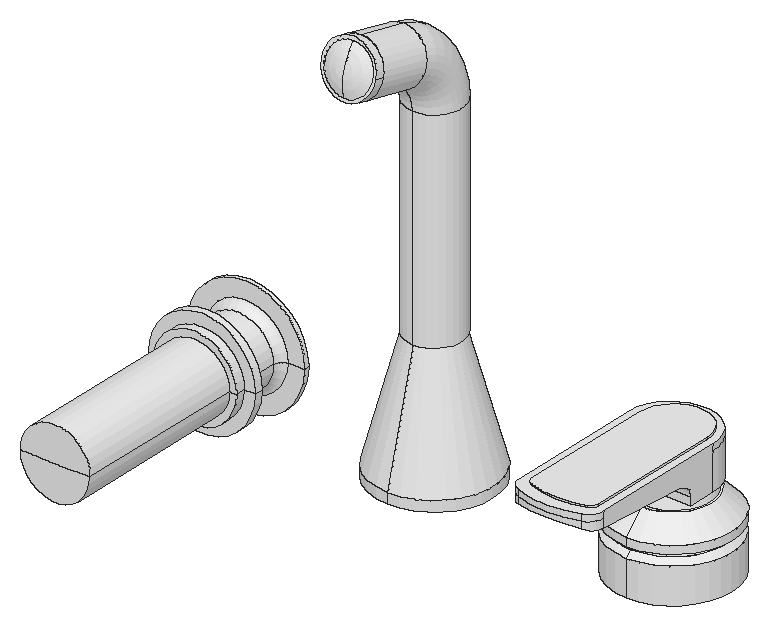
Revit family "Faucet-American_Standard-Aspirations-7061461_Series", category Plumbing Fixtures, host Face, Revit 2019
Family settings
  Host = Face
  Round Connector Dimension = Use Diameter
  Part Type = Normal
  OmniClass Number = 23.45.55.14
  OmniClass Title = Single Faucets
  Cut with Voids When Loaded = No
  Shared = Yes
  Room Calculation Point = No
Parameters (values of type "7061461.002")
  Width = 6 7/16"
  Water Connection Diameter = 1/2"
  Waste Connection Diameter = 1 1/4"  # constant formula
  Waste Connection = no
  WFU = 2  # constant formula
  Vent Connection = no
  URL = "https://www.americanstandard-us.com/"
  Type Comments = ""
  Tempered Water Connection = yes
  NSF/ANSI/CAN 61 = yes
  NSF/ANSI/CAN 372 = yes
  Model = "7061461.002"
  Max. Flow Rate = "1.2 gpm/4.5 L/min"  # constant formula
  Material = "Brass-American Standard-002-Polished Chrome"
  Manufacturer = "American Standard"  # constant formula
  Length = 8"  # constant formula
  Installation Type = "Wall Mounted"  # constant formula
  Height = 7 7/8"  # constant formula
  HWFU = 1.5  # constant formula
  HW Connection = no
  Finish = Brass-American Standard-002-Polished Chrome
  Drain Width = 6"
  Drain Max/Min Length = if(Drain Height < 1", 1", if(Drain Height > 2 1/8", 2 1/8", Drain Height))  # 1"
  Drain Depth = 7"
  Drain Height = 1"
  Description = "Aspirations™ Single Control Wall Mount Faucet"  # constant formula
  Default Elevation = 0"
  Creation Date = "05/10/2023"  # constant formula
  Compliance Certifications = "These products meet or exceed the following codes and standards: ASSE 1016, ASME A112.18.1, CSA B125.1"
  CWFU = 1.5  # constant formula
  CW Connection = no
  Assembly Code = "D2020300"
  ASME A112.18.1/CSA B125.1 = yes
  ANSI A117.1 = yes
  ADA Compliant = yes
Types (4): name | Model | Material | Finish | Drain Width | Drain Depth | Drain Height | CW Connection
  (no name) | "7061461.002" | "Brass-American Standard-002-Polished Chrome" | Brass-American Standard-002-Polished Chrome | 6" | 7" | 1" | no
  7061461.002 | "7061461.002" | "Brass-American Standard-002-Polished Chrome" | Brass-American Standard-002-Polished Chrome | 6" | 7" | 1" | no
  7061461.295 | "7061461.295" | "Brass-American Standard-243-Matte Black" | Brass-American Standard-243-Matte Black | 4.76262" | 8.02284" | 0" | yes
  7061461.243 | "7061461.243" | "Brass-American Standard-295-Satin Nickel" | Brass-American Standard-295-Satin Nickel | 4.76262" | 8.02284" | 0" | no
Reference planes
  plane 1 "Center (Front/Back)": y = 0
  plane 2: z = 0
  plane 3 "Center (Left/Right)": x = 0
  plane 4: z = -50.8
  plane 5: x = 81.756
  plane 6: z = 60.325
  plane 7: y = 0
  plane 8: y = 19.05
  plane 9: y = 27.449
  plane 10: y = -50.006
  plane 11: x = -81.756
  plane 12: y = 27.19
  plane 13: y = -91.069
  plane 14: x = 54.586
  plane 15: x = 74.01
  plane 16: x = 35.162
  plane 17: x = 69.978
  plane 18: x = 39.195
  plane 19: z = 203.2
  plane 20: x = -56.356
  plane 21: y = -74.151
  plane 22: z = 152.4
  plane 23: y = -177.8
Forms (mm)
  Extrusion 1, solid, material "Brass-American Standard-002-Polished Chrome" <- "Finish"
    sketch origin (54.586, -1172.848, -64.294) x (-1, 0, 0) y (0, 1, 0)
      loop
        circle (0, 1174.031) r 6.35
    from -64.294 to -97.789
  Revolve 2, solid, material "Brass-American Standard-002-Polished Chrome" <- "Finish"
    sketch origin (54.586, 2.697, 1.191) x (0, 1, 0) y (0, 0, 1)
      loop
        line (24.494, 23.828) -> (15.578, 32.744) -> (14.202, 32.744) -> (12.711, 38.309) -> (-2.697, 38.309) -> (-2.697, -1.191) -> (24.494, -1.191) -> (24.494, 15.192) -> (21.937, 17.748) -> (18.144, 17.748) -> (18.144, 20.122) -> (24.494, 20.122) -> (24.494, 23.828)
      axis (-2.697, -1.191) -> (-2.697, 38.309)
    angle from 0 to 360
  Extrusion 3, solid, material "Brass-American Standard-002-Polished Chrome" <- "Finish"
    sketch origin (54.586, -1269.454, -51.197) x (-1, 0, 0) y (0, 1, 0)
      loop
        arc (-14.633, 1197.783) -> (-0.002, 1195.303) -> (14.629, 1197.775) r 44.465
        arc (14.629, 1197.775) -> (18.103, 1200.384) -> (19.424, 1204.522) r 7.144
        line (19.424, 1204.522) -> (19.424, 1268.132)
        arc (19.424, 1268.132) -> (0, 1287.556) -> (-19.424, 1268.132) r 19.424
        line (-19.424, 1268.132) -> (-19.424, 1204.528)
        arc (-19.424, 1204.528) -> (-18.104, 1200.391) -> (-14.633, 1197.783) r 7.144
    from -110.608 to -107.755
  Extrusion 4, solid, material "Brass-American Standard-002-Polished Chrome" <- "Finish"
    sketch origin (54.586, -1265.718, -51.197) x (-1, 0, 0) y (0, 1, 0)
      loop
        line (15.392, 1202.942) -> (15.392, 1265.71)
        arc (15.392, 1265.71) -> (0, 1281.101) -> (-15.392, 1265.71) r 15.392
        line (-15.392, 1265.71) -> (-15.392, 1202.942)
        arc (-15.392, 1202.942) -> (-14.751, 1200.902) -> (-13.06, 1199.593) r 3.572
        arc (-13.06, 1199.593) -> (0, 1197.252) -> (13.06, 1199.593) r 37.602
        arc (13.06, 1199.593) -> (14.751, 1200.902) -> (15.392, 1202.942) r 3.572
    from -111.249 to -107.755
  Extrusion 5, solid, material "Brass-American Standard-002-Polished Chrome" <- "Finish"
    sketch origin (54.586, -45.17, -0.397) x (0, 1, 0) y (0, 0, 1)
      loop
        line (-23.079, 53.01) -> (25.187, 49.567)
        arc (25.187, 49.567) -> (29.382, 47.56) -> (31.085, 43.233) r 6.35
        line (31.085, 43.233) -> (31.085, 39.896) -> (43.781, 39.896) -> (43.781, 56.955) -> (-31.761, 56.955)
        arc (-31.761, 56.955) -> (-27.774, 54.203) -> (-23.079, 53.01) r 13.71
    from -19.424 to 19.424
  Extrusion 6, solid, material "Brass-American Standard-002-Polished Chrome" <- "Finish"
    sketch origin (54.586, -41.4, -0.397) x (1, 0, 0) y (0, 1, 0)
      loop
        line (-14.643, 27.314) -> (-3.229, 27.314) -> (14.643, 27.314)
        arc (14.643, 27.314) -> (0, 59.501) -> (-14.643, 27.314) r 19.424
    from 40.007 to 56.984
  Extrusion 7, void
    sketch origin (53.56, -133.15, -13.494) x (1, 0, 0) y (0, 1, 0)
      loop
        line (-27.33, 51.545) -> (29.106, 51.545) -> (29.106, 68.224) -> (20.45, 68.224)
        arc (20.45, 68.224) -> (19.131, 64.087) -> (15.659, 61.479) r 7.144
        arc (15.659, 61.479) -> (1.029, 58.999) -> (-13.603, 61.471) r 44.465
        arc (-13.603, 61.471) -> (-17.077, 64.079) -> (-18.398, 68.218) r 7.144
        line (-18.398, 68.218) -> (-27.33, 68.218) -> (-27.33, 51.545)
    from 64.416 to 73.546
  Revolve 8, solid, material "Brass-American Standard-002-Polished Chrome" <- "Finish"
    sketch origin (0, -203.78, 152.4) x (-1, 0, 0) y (0, -1, 0)
      loop
        line (0, 86.864) -> (-16.186, 86.864) -> (-16.186, 5.975) -> (-19.432, 5.975) -> (-19.432, 1.462) -> (-24.909, 1.462) -> (-24.909, -1.928) -> (-18.271, -1.928)
        arc (-18.271, -1.928) -> (-17.66, -3.402) -> (-16.186, -4.012) r 2.084
        line (-16.186, -4.012) -> (-16.186, -19.425)
        arc (-16.186, -19.425) -> (-17.18, -22.085) -> (-19.34, -23.929) r 5.665
        line (-19.34, -23.929) -> (-27.299, -23.929) -> (-27.299, -25.98) -> (0, -25.98) -> (0, 86.864)
      axis (0, -25.98) -> (0, 86.864)
    angle from 0 to 360
  Revolve 9, solid, material "Brass-American Standard-002-Polished Chrome" <- "Finish"
    sketch origin (-56.356, 117.224, 1219.2) x (0, 1, 0) y (0, 0, 1)
      loop
        line (-117.224, -1219.2) -> (-90.033, -1219.2) -> (-90.033, -1214.386) -> (-105.003, -1159.148) -> (-105.003, -1147.762) -> (-117.224, -1147.763) -> (-117.224, -1219.2)
      axis (-117.224, -1147.762) -> (-117.224, -1219.2)
    angle from 0 to 360
  Sweep 10, solid, material "Brass-American Standard-002-Polished Chrome" <- "Finish"
    path origin (0, 0, 0) x (0, 1, 0) y (0, 0, 1)
      loop
        line (-0.008, 60.052) -> (-0.008, 157.05)
        arc (-0.008, 157.05) -> (-5.815, 173.914) -> (-20.773, 183.628) r 27.391
        line (-20.773, 183.628) -> (-45.705, 189.844)
    profile origin (0, -0.008, 108.551) x (0, -1, 0) y (1, 0, 0)
      loop
        circle (0, -56.356) r 12.7
  Extrusion 11, solid, material "Brass-American Standard-002-Polished Chrome" <- "Finish"
    sketch origin (0, -48.82, 177.351) x (1, 0, 0) y (0, 0.241922, 0.970296)
      loop
        circle (-56.356, 12.875) r 12.7
    from 0 to 4.265
  Revolve 12, solid, material "Brass-American Standard-002-Polished Chrome" <- "Finish"
    sketch origin (-56.356, 117.224, 1219.2) x (0, 1, 0) y (0, 0, 1)
      loop
        arc (-164.348, -1017.421) -> (-167.592, -1022.242) -> (-169.614, -1027.689) r 24.585
        line (-169.614, -1027.689) -> (-167.067, -1028.324) -> (-164.348, -1017.421)
      axis (-169.614, -1027.689) -> (-167.067, -1028.324)
    angle from 0 to 360
  Extrusion 13, void
    sketch origin (0, 0, 0) x (1, 0, 0) y (0, 0, 1)
      loop
        circle (0, 152.4) r 2.095
      loop
        circle (-5.918, 152.4) r 2.095
      loop
        circle (6.827, 152.4) r 2.095
      loop
        circle (-12.29, 152.4) r 2.095
      loop
        circle (13.2, 152.4) r 2.095
      loop
        circle (-3.251, 146.287) r 2.095
      loop
        circle (-9.624, 146.287) r 2.095
      loop
        circle (3.121, 146.287) r 2.095
      loop
        circle (9.494, 146.287) r 2.095
      loop
        circle (-6.693, 140.571) r 2.095
      loop
        circle (0, 140.571) r 2.095
      loop
        circle (6.052, 140.571) r 2.095
      loop
        circle (-3.251, 158.513) r 2.095
      loop
        circle (-9.624, 158.513) r 2.095
      loop
        circle (3.121, 158.513) r 2.095
      loop
        circle (9.494, 158.513) r 2.095
      loop
        circle (-6.693, 164.229) r 2.095
      loop
        circle (0, 164.229) r 2.095
      loop
        circle (6.052, 164.229) r 2.095
    from 177.8 to 184.356
Cuts and joins
  Extrusion 7 cuts Extrusion 3
  Extrusion 7 cuts Extrusion 5
  joined: Extrusion 3, Extrusion 5, Extrusion 6
  joined: Revolve 9, Sweep 10
  Extrusion 13 cuts Revolve 8
Lines and regions (mm)
  Masking region 1
    outline origin (0, 0, 0) x (1, 0, 0) y (0, 0, 1)
      loop
        circle (0, 152.4) r 27.299
  Masking region 2
    outline origin (0, 0, 0) x (1, 0, 0) y (0, 0, 1)
      loop
        line (27.396, 0) -> (81.777, 0) -> (81.777, 16.382) -> (79.22, 18.939) -> (75.427, 18.939) -> (75.427, 21.313) -> (81.777, 21.313) -> (81.777, 25.029) -> (72.871, 33.935) -> (71.485, 33.935) -> (69.994, 39.499) -> (74.01, 39.499) -> (74.01, 60.052) -> (35.162, 60.052) -> (35.162, 39.499) -> (39.172, 39.499) -> (37.681, 33.935) -> (36.308, 33.935) -> (27.396, 25.023) -> (27.396, 21.313) -> (33.746, 21.313) -> (33.746, 18.939) -> (29.952, 18.939) -> (27.396, 16.382) -> (27.396, 0)
  Masking region 3
    outline origin (0, 0, 0) x (1, 0, 0) y (0, 0, 1)
      loop
        line (-29.166, 0) -> (-29.166, 4.818) -> (-43.656, 58.895) -> (-43.656, 190.876)
        spline (-43.656, 190.876) -> (-44.089, 194.065) -> (-45.358, 197.037) -> (-47.376, 199.589) -> (-50.006, 201.547) -> (-53.069, 202.778) -> (-56.356, 203.198) -> (-59.643, 202.778) -> (-62.706, 201.547) -> (-65.337, 199.589) -> (-67.355, 197.037) -> (-68.624, 194.065) -> (-69.056, 190.876)
        line (-69.056, 190.876) -> (-69.056, 60.052) -> (-83.543, 4.817) -> (-83.543, 0) -> (-29.166, 0)
  symbolic lines, detail levels fine
    curve 1: line (74.01, 0, 59.412) -> (35.162, 0, 59.412)
    curve 6: line (81.777, 0, 25.029) -> (27.446, 0, 25.029)
    curve 7: line (81.777, 0, 16.382) -> (27.396, 0, 16.382)
    curve 8: line (-29.201, 0, 4.814) -> (-83.344, 0, 4.814)
    curve 9: spline (-69.056, 0, 189.844) -> (-68.624, 0, 193.033) -> (-67.355, 0, 196.005) -> (-65.337, 0, 198.557) -> (-62.706, 0, 200.516) -> (-59.643, 0, 201.747) -> (-56.356, 0, 202.167) -> (-53.069, 0, 201.747) -> (-50.006, 0, 200.516) -> (-47.376, 0, 198.557) -> (-45.358, 0, 196.005) -> (-44.089, 0, 193.033) -> (-43.656, 0, 189.844)
  symbolic lines, detail levels medium+fine
    curve 2: line (69.994, 0, 39.499) -> (39.179, 0, 39.499)
    curve 3: line (72.86, 0, 33.935) -> (37.688, 0, 33.935)
    curve 4: line (81.777, 0, 21.313) -> (33.746, 0, 21.313)
    curve 5: line (79.22, 0, 18.939) -> (33.746, 0, 18.939)
Dimensions and locks
  plane 4 to plane 2 = 2"
  locked: plane 6 to host face at 60.325
  locked: plane 10 to plane 7 at 50.006
  plane 3 "Center (Left/Right)" to plane 5 = 3 7/32"
  "Width": plane 11 to plane 5
  plane 12 to Revolve 2 sketch curve = 1.07049"
  Revolve 8 sketch curve to Revolve 8 sketch curve = 0.63725"
  Revolve 8 sketch curve to Revolve 8 sketch curve = 1.07475"
  "Drain Max/Min Length": Revolve 8 sketch curve to Revolve 8 sketch curve
  "Length": plane 19 to plane 2
  plane 11 to plane 20 = 1"
  locked: plane 9 to plane 21 at 101.6
  "Drain Width": plane 22 to plane 2
  "Drain Depth": plane 23 to plane 7
  locked: Revolve 8 sketch curve to Revolve 8 sketch curve at 112.844
  aligned and locked: plane 2 to host face
  aligned and locked: level to host face
  aligned and locked: Masking region 1 sketch curve to Revolve 8
  aligned and locked: Masking region 2 sketch curve to Extrusion 4
  aligned and locked: curve 1 to cut or joined group of Extrusion 3, Extrusion 5, Extrusion 6, Extrusion 7
  aligned and locked: curve 2 to Revolve 2
  aligned and locked: curve 3 to Revolve 2
  aligned and locked: curve 4 to Revolve 2
  aligned and locked: curve 5 to Revolve 2
  aligned and locked: Extrusion 13 to Revolve 8
  aligned and locked: Revolve 8 to Extrusion 13
  aligned and locked: Extrusion 1 to Revolve 2
  aligned and locked: plane 22 to Extrusion 13 sketch curve  (x2)
  aligned and locked: plane 3 "Center (Left/Right)" to Extrusion 13 sketch curve  (x3)
  aligned and locked: Revolve 8 sketch curve to plane 23
  aligned and locked: plane 3 "Center (Left/Right)" to Revolve 8 sketch curve
  aligned and locked: Revolve 8 sketch curve to plane 3 "Center (Left/Right)"
  aligned and locked: curve 8 to cut or joined group of Revolve 9, Sweep 10
Automatic sketch dimensions
  host sketch curve to host sketch curve = 96"  (x2)
  Extrusion 1 sketch curve to plane 1 "Center (Front/Back)" = 0.04655"
  plane 5 to Extrusion 1 sketch curve = 1.06969"
  Revolve 2 sketch curve to plane 1 "Center (Front/Back)" = 0"
  Revolve 2 sketch curve to plane 12 = 0"  (x2)
  plane 8 to Revolve 2 sketch curve = 0.1434"
  plane 8 to Revolve 2 sketch curve = 0.0847"
  plane 8 to Revolve 2 sketch curve = 0.03054"
  Revolve 2 sketch curve to plane 8 = 0.07049"
  Revolve 2 sketch curve to plane 12 = 0.10064"
  Revolve 2 sketch curve to plane 6 = 2 3/8"
  Revolve 2 sketch curve to Revolve 2 sketch curve = 0.64497"
  Revolve 2 sketch curve to Revolve 2 sketch curve = 0.10064"
  Revolve 2 sketch curve to Revolve 2 sketch curve = 0.09347"
  Revolve 2 sketch curve to Revolve 2 sketch curve = 0.1459"
  Revolve 2 sketch curve to Revolve 2 sketch curve = 0.49693"
  Revolve 2 sketch curve to Revolve 2 sketch curve = 0.21908"
  Revolve 2 sketch curve to Revolve 2 sketch curve = 0.40807"
  Revolve 2 sketch curve to Revolve 2 sketch curve = 0.34193"
  Extrusion 5 sketch curve to plane 10 = 1.06005"
  Extrusion 5 sketch curve to Extrusion 5 sketch curve = 0.34185"
  Extrusion 5 sketch curve to Extrusion 5 sketch curve = 0.03841"
  plane 7 to Extrusion 5 sketch curve = 0.80454"
  Extrusion 5 sketch curve to Extrusion 5 sketch curve = 0.01779"
  Extrusion 5 sketch curve to Extrusion 5 sketch curve = 1/4"
  plane 7 to Extrusion 5 sketch curve = 7/128"
  Extrusion 5 sketch curve to plane 6 = 0.81991"
  Extrusion 5 sketch curve to Extrusion 5 sketch curve = 0.13136"
  Extrusion 5 sketch curve to plane 6 = 0.30361"
  Extrusion 5 sketch curve to Extrusion 5 sketch curve = 0.67161"
  Extrusion 3 sketch curve to plane 15 = 0"
  Extrusion 3 sketch curve to plane 14 = 0"
  Extrusion 3 sketch curve to Extrusion 3 sketch curve = 9/32"
  plane 14 to Extrusion 3 sketch curve = 0.00036"
  plane 14 to Extrusion 3 sketch curve = 0.48348"
  plane 7 to Extrusion 3 sketch curve = 0.05206"
  plane 10 to Extrusion 3 sketch curve = 0.8"
  Extrusion 3 sketch curve to plane 10 = 0.58765"
  Extrusion 3 sketch curve to plane 10 = 0.5874"
  Extrusion 3 sketch curve to Extrusion 3 sketch curve = 0"
  Extrusion 4 sketch curve to plane 17 = 0"
  Extrusion 4 sketch curve to plane 14 = 0"  (x2)
  Extrusion 4 sketch curve to plane 14 = 0.46534"
  Extrusion 4 sketch curve to Extrusion 4 sketch curve = 9/64"
  plane 7 to Extrusion 4 sketch curve = 0.00033"
  plane 10 to Extrusion 4 sketch curve = 0.75361"
  Extrusion 4 sketch curve to plane 10 = 0.50275"  (x2)
  Extrusion 4 sketch curve to Extrusion 4 sketch curve = 0"
  Extrusion 6 sketch curve to plane 14 = 0"
  plane 7 to Extrusion 6 sketch curve = 0.05206"
  Extrusion 6 sketch curve to plane 16 = 0.18825"
  plane 14 to Extrusion 6 sketch curve = 0.12713"
  Extrusion 6 sketch curve to Extrusion 6 sketch curve = 0.50247"
  Extrusion 6 sketch curve to Extrusion 6 sketch curve = 0"
  Sweep 10 sketch curve to plane 3 "Center (Left/Right)" = 2 7/32"
  Sweep 10 sketch curve to profile plane = 0"
  plane 10 to Sweep 10 sketch curve = 0.89003"
  plane 7 to Sweep 10 sketch curve = 0.81783"
  plane 7 to Sweep 10 sketch curve = 0.00033"
  plane 10 to Sweep 10 sketch curve = 0.16934"
  Sweep 10 sketch curve to plane 6 = 0.01075"
  plane 19 to Sweep 10 sketch curve = 0.52583"
  plane 10 to Revolve 12 sketch curve = 0.00643"
  plane 19 to Revolve 12 sketch curve = 0.05594"
  plane 10 to Revolve 12 sketch curve = 0.11346"
  Revolve 12 sketch curve to plane 10 = 0.09387"
  Revolve 12 sketch curve to Revolve 12 sketch curve = 0"  (x2)
  Revolve 12 sketch curve to Revolve 12 sketch curve = 0.08508"
  Revolve 12 sketch curve to Revolve 12 sketch curve = 0.02121"
  Revolve 12 sketch curve to Revolve 12 sketch curve = 0.02501"
  plane 19 to Revolve 12 sketch curve = 0.68741"
  Masking region 2 sketch curve to level = 0"
  Masking region 2 sketch curve to plane 16 = 0.04511"
  plane 16 to Masking region 2 sketch curve = 0.05576"
  Masking region 2 sketch curve to Masking region 2 sketch curve = 0.14936"
  Masking region 2 sketch curve to Masking region 2 sketch curve = 0.10064"  (x4)
  Masking region 2 sketch curve to plane 15 = 0.15813"
  Masking region 2 sketch curve to plane 15 = 0.09943"
  Masking region 2 sketch curve to plane 15 = 0.04485"
  plane 15 to Masking region 2 sketch curve = 0"
  plane 15 to Masking region 2 sketch curve = 0.05576"
  plane 5 to Masking region 2 sketch curve = 0.09984"
  Masking region 2 sketch curve to plane 5 = 0.0008"  (x2)
  Masking region 2 sketch curve to Masking region 2 sketch curve = 0.64497"  (x2)
  Masking region 2 sketch curve to Masking region 2 sketch curve = 0.09347"  (x2)
  Masking region 2 sketch curve to Masking region 2 sketch curve = 0.14607"
  Masking region 2 sketch curve to Masking region 2 sketch curve = 0.14632"
  Masking region 2 sketch curve to Masking region 2 sketch curve = 0.49693"
  Masking region 2 sketch curve to Masking region 2 sketch curve = 0.35087"
  Masking region 2 sketch curve to Masking region 2 sketch curve = 0.21908"  (x2)
  plane 16 to Masking region 2 sketch curve = 0"
  Masking region 2 sketch curve to plane 16 = 0.15785"
  Masking region 2 sketch curve to Masking region 2 sketch curve = 0.05404"
  Extrusion 7 sketch curve to plane 16 = 0"
  Extrusion 7 sketch curve to plane 15 = 0"
  plane 16 to Extrusion 7 sketch curve = 0.35167"
  Extrusion 7 sketch curve to plane 16 = 9/32"
  plane 14 to Extrusion 7 sketch curve = 0.00036"
  Extrusion 7 sketch curve to Extrusion 7 sketch curve = 9/32"
  Extrusion 7 sketch curve to plane 5 = 0.03583"
  Extrusion 7 sketch curve to plane 21 = 0.29345"
  plane 21 to Extrusion 7 sketch curve = 0.36295"
  plane 10 to Extrusion 7 sketch curve = 0.8"
  Extrusion 7 sketch curve to Extrusion 7 sketch curve = 0"
  plane 21 to Extrusion 7 sketch curve = 0.3632"
  Extrusion 13 sketch curve to plane 3 "Center (Left/Right)" = 0.48387"
  Extrusion 13 sketch curve to plane 3 "Center (Left/Right)" = 0.37889"  (x2)
  Extrusion 13 sketch curve to plane 3 "Center (Left/Right)" = 0.23299"
  Extrusion 13 sketch curve to plane 3 "Center (Left/Right)" = 0.26352"  (x2)
  Extrusion 13 sketch curve to plane 3 "Center (Left/Right)" = 0.128"  (x2)
  plane 3 "Center (Left/Right)" to Extrusion 13 sketch curve = 0.12289"  (x2)
  Extrusion 13 sketch curve to Extrusion 13 sketch curve = 0.26879"
  Extrusion 13 sketch curve to Extrusion 13 sketch curve = 0.23825"  (x2)
  Extrusion 13 sketch curve to Extrusion 13 sketch curve = 0.25089"  (x3)
  Extrusion 13 sketch curve to Extrusion 13 sketch curve = 0.22506"  (x2)
  Extrusion 13 sketch curve to Extrusion 13 sketch curve = 0"  (x12)
  Revolve 9 sketch curve to plane 1 "Center (Front/Back)" = 0"  (x2)
  Revolve 9 sketch curve to level = 0"  (x2)
  Revolve 9 sketch curve to plane 6 = 0.01075"
  plane 8 to Revolve 9 sketch curve = 0.26886"
  Revolve 9 sketch curve to plane 9 = 0.01017"
  Revolve 9 sketch curve to Revolve 9 sketch curve = 0.18953"
  plane 6 to Revolve 9 sketch curve = 7/16"
  Revolve 9 sketch curve to level = 0.34626"
  Sweep 10 sketch curve to Sweep 10 sketch curve = 1.29109"
  Extrusion 13 sketch curve to Extrusion 13 sketch curve = 0.24066"  (x3)
  plane 16 to Revolve 8 sketch curve = 0.40368"
  Revolve 8 sketch curve to Revolve 8 sketch curve = 0.21566"
  Revolve 8 sketch curve to Revolve 8 sketch curve = 0.21563"
  Revolve 8 sketch curve to plane 23 = 0.08074"
  Revolve 8 sketch curve to Revolve 8 sketch curve = 25/256"
  Revolve 8 sketch curve to Revolve 8 sketch curve = 0.04572"
  Revolve 8 sketch curve to Revolve 8 sketch curve = 0.12418"
  Revolve 8 sketch curve to Revolve 8 sketch curve = 0.17735"
  Revolve 8 sketch curve to Revolve 8 sketch curve = 0.3932"
  Revolve 8 sketch curve to Revolve 8 sketch curve = 0.13343"
  Revolve 8 sketch curve to Revolve 8 sketch curve = 0.06078"
  Revolve 8 sketch curve to Revolve 8 sketch curve = 1"
  Masking region 3 sketch curve to level = 0"
  Masking region 3 sketch curve to plane 11 = 0.07036"
  Masking region 3 sketch curve to plane 20 = 0"
  Masking region 3 sketch curve to Masking region 3 sketch curve = 1/2"
  level to Masking region 3 sketch curve = 0.18968"
  Masking region 3 sketch curve to plane 6 = 0.05631"
  Masking region 3 sketch curve to plane 6 = 0.01075"
  plane 19 to Masking region 3 sketch curve = 0.48522"
  level to Masking region 3 sketch curve = 0.18963"
  plane 20 to Masking region 3 sketch curve = 1.07047"
  curve 9 to plane 20 = 0"
  plane 16 to curve 1 = 0"
  curve 1 to plane 15 = 0"
  curve 9 to curve 9 = 1/2"
  curve 8 to plane 11 = 1/16"
  plane 20 to curve 8 = 1.0691"
  plane 16 to curve 7 = 0.30576"
  plane 16 to curve 6 = 0.30379"
  plane 16 to curve 4 = 0.05576"
  plane 16 to curve 5 = 0.05576"
  curve 3 to plane 16 = 0.09943"
  curve 2 to plane 16 = 0.15813"
  curve 2 to plane 15 = 0.15813"
  curve 3 to plane 15 = 0.04527"
  plane 5 to curve 5 = 0.09984"
  curve 4 to plane 5 = 0.0008"
  curve 6 to plane 5 = 0.0008"
  curve 7 to plane 5 = 0.0008"
  curve 7 to curve 5 = 0.10064"
  curve 4 to curve 6 = 0.14632"
  plane 19 to curve 9 = 0.52583"
  radius of Extrusion 1 sketch curve = 1/4"
  radius of Sweep 10 sketch curve = 1/2"
  radius of Extrusion 11 sketch curve to Sweep 10 = 0"
  radius of Extrusion 13 sketch curve = 0.08248"  (x19)
Connectors
  piping at (54.586, 1.182, 0), diameter 12.7, driven by "Water Connection Diameter"
    settings: on Extrusion 1, index 1, connector inside diameter 24", connector length 0", flow factor 0, pipe flow 0 GPM, pressure drop 0.00 psi, fitting loss kfactor 0, connector angle 0.00°, fixture units 0, engagement length 0", angle of deflection 0.00°, flow configuration 0, flow direction 1, fitting loss method 0, system type 29, joint type 0, gender type 0, connector reference index -1, connector utility 0, adjustable connector no, is connector primary yes, connector description "1/2\" NPT Tempered Water Inlet Supply"
  piping at (0, -290.644, 152.4), diameter 31.75, driven by "Waste Connection Diameter", driven by "WFU"
    settings: on cut or joined group of Revolve 8, Extrusion 13, index 2, connector inside diameter 24", connector length 0", flow factor 0, pipe flow 0 GPM, pressure drop 0.00 psi, fitting loss kfactor 0, connector angle 0.00°, fixture units 2, engagement length 0", angle of deflection 0.00°, flow configuration 3, flow direction 2, fitting loss method 0, system type 16, joint type 0, gender type 0, connector reference index -1, connector utility 0, adjustable connector no, is connector primary no, connector description "1 1/4\" Waste Outlet Connection"
